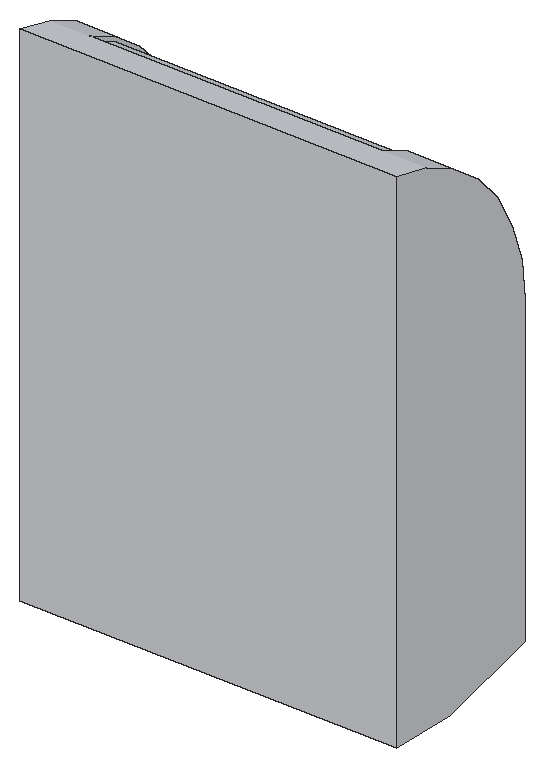
Revit family "DAN DRYER Stainless Design Mini Design 279", category Furniture Systems, host Wall, Revit 2017
Family settings
  Host = Wall
  Round Connector Dimension = Use Diameter
  Part Type = Normal
  Always vertical = Yes
  Cut with Voids When Loaded = No
  Shared = No
  Room Calculation Point = No
Parameters (values of type "Stål")
  Wicth = 338 mm
  URL = "http://www.dandryer.com/Files/Billeder/PDF/Datablade/Nye/Technical%20data%20sheet_279.pdf"
  Type Image = <None>
  Offset from Floor = 1000 mm
  Model = "Stainless"
  Manufacturer = "http://www.dandryer.com/"
  Height = 460 mm
  Description = "Mini waste bin / sanitary bin, article no. 279"
  Cost = 0
Reference planes
  plane 1 "Wall": y = 0
  plane 2 "Center (Left/Right)": x = 125
  plane 3 "Back": y = 75
  plane 4 "Top": z = 1000
  plane 5 "Bund": z = 540
  plane 6: x = 294
  plane 7: x = -44
Forms (mm)
  Extrusion 1, solid
    sketch origin (125, 0, 0) x (0, 1, 0) y (0, 0, 1)
      loop
        line (75, 540) -> (135, 540) -> (219, 562.508) -> (219, 837.508)
        arc (219, 837.508) -> (177.82, 946.066) -> (75, 1000) r 163.68
        line (75, 1000) -> (75, 540)
    from -169 to 169
  Extrusion 2, void
    sketch origin (125, 0, 0) x (0, 1, 0) y (0, 0, 1)
      loop
        arc (201.447, 911.251) -> (163.026, 960.757) -> (108.818, 992.198) r 163.68
        line (108.818, 992.198) -> (105.918, 989.297)
        arc (105.918, 989.297) -> (159.222, 959.181) -> (197.313, 911.251) r 160
        line (197.313, 911.251) -> (201.447, 911.251)
    from -132.998 to 128.104
Cuts and joins
  Extrusion 2 cuts Extrusion 1
Text (mm)
  text "Placement Side" at (-1848.837, 1116.779, 0), in view "Ref. Level"
  text "Placement side" at (0, 1409.804, 2854.306), in view "Left"
  text "Placement side" at (0, 499.811, 2980.732), in view "Right"
Dimensions and locks
  locked: plane 3 "Back" to host wall
  "Height": plane 5 "Bund" to plane 4 "Top"
  equal spacing: plane 7, plane 2 "Center (Left/Right)", plane 6
  "Wicth": plane 7 to plane 6
  "Offset from Floor": level to plane 4 "Top"
  aligned and locked: plane 1 "Wall" to host wall
  aligned and locked: Extrusion 1 to plane 7
  aligned and locked: Extrusion 1 to plane 6
  aligned and locked: plane 4 "Top" to Extrusion 1 sketch curve
  aligned and locked: host wall to Extrusion 1 sketch curve
Automatic sketch dimensions
  Extrusion 1 sketch curve to plane 5 "Bund" = 0 mm
  Extrusion 1 sketch curve to host wall = 19.68 mm
  Extrusion 1 sketch curve to Extrusion 1 sketch curve = 60 mm
  plane 5 "Bund" to Extrusion 1 sketch curve = 22.508 mm
  Extrusion 1 sketch curve to Extrusion 1 sketch curve = 84 mm
  Extrusion 2 sketch curve to Extrusion 2 sketch curve = 0 mm  (x2)
  host wall to Extrusion 2 sketch curve = 33.818 mm
  Extrusion 2 sketch curve to host wall = 19.68 mm
  host wall to Extrusion 2 sketch curve = 30.918 mm
  Extrusion 2 sketch curve to plane 4 "Top" = 10.703 mm
  Extrusion 2 sketch curve to plane 4 "Top" = 7.802 mm
  Extrusion 2 sketch curve to Extrusion 2 sketch curve = 4.134 mm
  Extrusion 2 sketch curve to Extrusion 2 sketch curve = 88.495 mm
